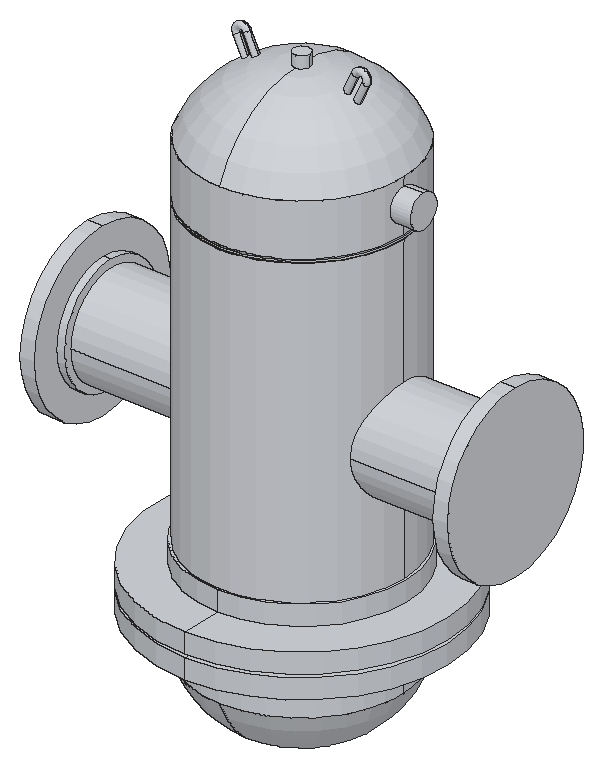
Revit family "WVA-6", category Mechanical Equipment, Revit 2014
Parameters (values of type "WVA-6")
  SideDrainExtrusion = CylinderHalfLength * 0.13123  # 1.24669"
  PipeConnectorDiameter = 6"
  PartNumber = "72080060"
  MaximumOperatingTemperature = "240°F"
  MaximumOperatingPressure = "125 PSIG"
  MaximumFlow = "570 GPM"
  HookWidth = 3/4"
  SideFlangeThickness1 = 141/256"
  SideFlangeThickness = 121/128"
  LeftHookDistance = 0.35916"
  TopExtrusionDiameter = A * 0.1111  # 2.1109"
  SideFlangeStep2 = 11 3/128"
  SideFlangeStep1 = 7 143/256"
  PipeDiameter = 6 5/8"
  HookTopDistance = B * 0.01386  # 0.54054"
  HookDistance = A * 0.19597  # 3.72343"
  URL = "http://westank.com/"
  TotalHeight = B * 0.1364  # 5.3196"
  Step5Diameter = A * 0.21818  # 4.14544"
  Step4Diameter = A * 0.25455  # 4.83636"
  Step3Diameter = A * 0.18182  # 3.45458"
  Step2Diameter = A * 0.10909  # 2.07271"
  Step1Diameter = A * 0.05454  # 1.03626"
  RingDistance = B * 0.19599  # 7.64361"
  RevolveRadius = CylindarDia / 2  # 6.65"
  Model = "WVA-6"
  Manufacturer = "Wessels Company"
  HookDiameter = A * 0.0223  # 0.4237"
  Height2 = B * 0.00547  # 0.21333"
  Height1 = B * 0.03268  # 1.27452"
  D = 19 1/2"
  CylinderHeight = B * 0.781  # 30.459"
  CylinderHalfLength = A / 2  # 9 1/2"
  CouplingHeight = B * 0.15525  # 6.05475"
  C = 27 3/4"
  BottomRevolveHeight = B * 0.10886  # 4.24554"
  BottomExtrusionHeight = B * 0.01095  # 0.42705"
  B = 39"
  CylindarDia = A * 0.7  # 13.3"
  NumberOfArray = 9
  ArrayRadius = CylindarDia * 0.62598  # 8.32559"
  ApproximateShipmentWeight = "375 lbs"
  A = 19"
Reference planes (in)
  plane 1: z = 0
  plane 2 "Center (Left/Right)": x = 0
  plane 3: x = -6.65
  plane 4: y = 1.09449
  plane 5: y = -5.55551
  plane 6: x = 6.65
  plane 7: z = 39
  plane 8: z = 19.5
  plane 9: y = -12.20551
  plane 10: z = 34.7295
  plane 11: z = 4.2705
  plane 12: y = -6.05551
  plane 13: y = -5.05551
  plane 14: z = 34.23517
  plane 15: z = 33.23517
  plane 16: z = 33.73517
  plane 17: x = 9.5
  plane 18: z = 31.35639
  plane 19: z = 31.10639
  plane 20: x = 0
  plane 21: z = 4.76659
  plane 22: x = -9.5
  plane 23: y = -15.05551
  plane 24: y = 3.94449
  plane 25: x = 7.15
  plane 26: z = 4.08442
  plane 27: z = 0.42705
  plane 28: z = 4.67259
  plane 29: y = -2.15551
  plane 30: y = -8.95551
  plane 31: x = -13.875
  plane 32: x = 13.875
  plane 33: z = 19.5
  plane 34: x = 2
  plane 35: x = -2.03354
Forms (in)
  Extrusion 1, solid
    sketch origin (0, 0, 0) x (1, 0, 0) y (0, 1, 0)
      loop
        circle (0, -5.55551) r 6.65
    from 4.67259 to 34.7295
  Revolve 2, solid
    sketch origin (0, 0, 0) x (0, 1, 0) y (0, 0, 1)
      loop
        line (-5.55551, 34.7295) -> (-5.55551, 39)
        arc (-5.55551, 39) -> (-9.56439, 37.92967) -> (-12.20551, 34.7295) r 6.80177
        line (-12.20551, 34.7295) -> (-5.55551, 34.7295)
      axis (-5.55551, 39) -> (-5.55551, 34.7295)
    angle from 0 to 360
  Revolve 3, solid
    sketch origin (0, 0, 23) x (0, 1, 0) y (0, 0, 1)
      loop
        line (-5.55551, -18.32741) -> (-12.20551, -18.32741)
        arc (-12.20551, -18.32741) -> (-9.59071, -21.5626) -> (-5.55551, -22.57295) r 6.55542
        line (-5.55551, -22.57295) -> (-5.55551, -18.32741)
      axis (-5.55551, -22.57295) -> (-5.55551, -18.32741)
    angle from 0 to 360
  Extrusion 4, solid
    sketch origin (9.5, -180, 55.14413) x (0, 0, 1) y (0, -1, 0)
      loop
        circle (-21.97146, -174.44449) r 1.05545
    from -1.60332 to -3.48594
  Revolve 5, void
    sketch origin (0, 0, 0) x (0, 1, 0) y (0, 0, 1)
      loop
        line (1.14136, 31.42333) -> (1.00252, 31.22505) -> (1.00252, 31.10639) -> (1.14136, 31.10639) -> (1.14136, 31.42333)
      axis (-5.55551, 31.42333) -> (-5.55551, 31.10639)
    angle from 0 to 360
  Revolve 6, solid
    sketch origin (0, 0, 0) x (0, 1, 0) y (0, 0, 1)
      loop
        line (1.27519, 7.32927) -> (3.94449, 7.32927) -> (3.94449, 8.60379) -> (1.69769, 8.60379) -> (1.69769, 8.81712) -> (3.94449, 8.81712) -> (3.94449, 10.09164) -> (1.27519, 10.09164) -> (1.27519, 11.37435) -> (1.09449, 11.37435) -> (1.09449, 6.05475) -> (1.27519, 6.05475) -> (1.27519, 7.32927)
      axis (-5.55551, 11.37435) -> (-5.55551, 6.05475)
    angle from 0 to 360
  Extrusion 7, solid
    sketch origin (0, 0, 0) x (1, 0, 0) y (0, 1, 0)
      loop
        circle (0, -5.55551) r 0.51813
    from 0 to 0.42705
  Extrusion 8, solid
    sketch origin (0, 0, 0) x (0, 1, 0) y (0, 0, 1)
      loop
        circle (-5.55551, 19.5) r 3.3125
    from -12.37891 to 12.37891
  Extrusion 9, solid
    sketch origin (-13.875, -180, 25.05775) x (0, 0, 1) y (0, -1, 0)
      loop
        circle (-5.55775, -174.44449) r 3.7793
    from 1.49609 to 0.94531
  Extrusion 10, solid
    sketch origin (-13.875, -180, 25.05775) x (0, 0, 1) y (0, -1, 0)
      loop
        circle (-5.55775, -174.44449) r 5.51172
    from 0 to 0.94531
  Extrusion 11, solid
    sketch origin (7.625, -180, 25.05775) x (0, 0, 1) y (0, 1, 0)
      loop
        circle (-5.55775, 174.44449) r 3.7793
    from -4.75391 to -5.30469
  Extrusion 12, solid
    sketch origin (7.625, -180, 25.05775) x (0, 0, 1) y (0, 1, 0)
      loop
        circle (-5.55775, 174.44449) r 5.51172
    from -6.25 to -5.30469
  Extrusion 13, solid
    sketch origin (-60.41868, -180, 39) x (-1, 0, 0) y (0, -1, 0)
      loop
        circle (-60.41868, -174.44449) r 0.51813
    from 0 to 0.71071
  Sweep 14, solid
    path origin (-15.79608, -0.16656, 148.84796) x (0.413302, 0.007549, 0.910563) y (0.910578, 0.00257, -0.41333)
      loop
        line (-92.98541, 62.71114) -> (-91.46355, 62.71114)
        arc (-91.46355, 62.71114) -> (-91.08855, 63.08614) -> (-91.46355, 63.46114) r 0.375
        line (-91.46355, 63.46114) -> (-92.98541, 63.46114)
    profile origin (3.19077, -0.70156, 38.9514) x (0.910578, 0.00257, -0.41333) y (-0.00546, 0.999968, -0.005811)
      loop
        circle (0, -4.875) r 0.21185
  Sweep 15, solid
    path origin (15.79608, -0.16656, 148.84796) x (-0.413302, 0.007549, 0.910563) y (0.910578, -0.00257, 0.41333)
      loop
        line (-92.98541, -62.71114) -> (-91.46355, -62.71114)
        arc (-91.46355, -62.71114) -> (-91.08855, -63.08614) -> (-91.46355, -63.46114) r 0.375
        line (-91.46355, -63.46114) -> (-92.98541, -63.46114)
    profile origin (-3.19077, -0.70156, 38.9514) x (0.910578, -0.00257, 0.41333) y (0.00546, 0.999968, -0.005811)
      loop
        circle (0, -4.875) r 0.21185
Cuts and joins
  Revolve 5 cuts Extrusion 1
  joined: Extrusion 1, Extrusion 4, Revolve 6, Extrusion 8
  joined: Revolve 2, Sweep 14, Sweep 15
Dimensions and locks (in)
  equal spacing: plane 6, plane 2 "Center (Left/Right)", plane 3
  "CylindarDia": plane 6 to plane 3
  equal spacing: plane 7, plane 8, level
  "B": plane 7 to level
  equal spacing: plane 3, plane 2 "Center (Left/Right)", plane 6
  plane 3 to plane 6 = 13.3"
  equal spacing: plane 4, plane 5, plane 9
  plane 4 to plane 9 = 13.3"
  "RevolveRadius": plane 9 to plane 5
  equal spacing: plane 10, plane 8, plane 11
  "CylinderHeight": plane 10 to plane 11
  equal spacing: plane 12, plane 5, plane 13
  plane 12 to plane 13 = 1"
  plane 14 to plane 15 = 1"
  equal spacing: plane 14, plane 16, plane 15
  plane 10 to plane 14 = 0.49433"
  locked: Extrusion 4 sketch curve to plane 5
  plane 16 to Extrusion 4 sketch curve = 9/16"
  locked: Revolve 5 sketch curve to Revolve 5 sketch curve at 0.13884
  locked: plane 18 to plane 19 at 0.25
  "RingDistance": plane 7 to plane 18
  locked: plane 21 to plane 11 at 0.49609
  equal spacing: plane 17, plane 2 "Center (Left/Right)", plane 22
  "A": plane 17 to plane 22
  equal spacing: plane 23, plane 5, plane 24
  "A": plane 23 to plane 24
  locked: plane 25 to plane 6 at 0.5
  Revolve 6 to plane 26 = 3.24485"
  "Height1": Revolve 6 sketch curve to Revolve 6 sketch curve  (x3)
  "Height2": Revolve 6 sketch curve to Revolve 6 sketch curve
  "TotalHeight": Revolve 6 sketch curve to Revolve 6 sketch curve
  "CouplingHeight": level to Revolve 6 sketch curve
  equal spacing: plane 30, plane 5, plane 29
  equal spacing: plane 32, plane 2 "Center (Left/Right)", plane 31
  "C": plane 32 to plane 31
  "D": plane 33 to level
  "SideFlangeThickness": Extrusion 10 to plane 31
  "SideFlangeThickness1": Extrusion 9 to Extrusion 10
  "SideFlangeThickness": plane 32 to Extrusion 12
  "SideFlangeThickness1": Extrusion 11 to Extrusion 12
  locked: plane 20 to Extrusion 13 sketch curve at 0
  locked: plane 5 to Extrusion 13 sketch curve at 0
  "BottomExtrusionHeight": plane 27 to level
  "BottomRevolveHeight": plane 28 to plane 27
  locked: plane 20 to Extrusion 7 sketch curve at 0
  locked: Extrusion 7 sketch curve to plane 5 at 0
  plane 34 to plane 20 to plane 35 = 2", 2.03354"
  "SideDrainExtrusion": Extrusion 4 to plane 6
  "HookWidth": Sweep 14 sketch curve to Sweep 14 sketch curve
  "HookWidth": Sweep 15 sketch curve to Sweep 15 sketch curve
  "CylindarDia": diameter of Extrusion 1 sketch curve
  "TopExtrusionDiameter": diameter of Extrusion 4 sketch curve
  "Step1Diameter": diameter of Extrusion 13 sketch curve
  "PipeDiameter": diameter of Extrusion 8 sketch curve
  "SideFlangeStep1": diameter of Extrusion 9 sketch curve
  "SideFlangeStep2": diameter of Extrusion 10 sketch curve
  "SideFlangeStep1": diameter of Extrusion 11 sketch curve
  "SideFlangeStep2": diameter of Extrusion 12 sketch curve
  "Step1Diameter": diameter of Extrusion 7 sketch curve
  "HookDiameter": diameter of Sweep 14 sketch curve
  "HookDiameter": diameter of Sweep 15 sketch curve
  aligned and locked: level to plane 1
  aligned and locked: Revolve 2 sketch curve to Extrusion 1
  aligned and locked: plane 5 to Revolve 2 sketch curve  (x2)
  aligned and locked: Revolve 2 sketch curve to plane 5
  aligned and locked: Revolve 3 sketch curve to Extrusion 1
  aligned and locked: plane 5 to Revolve 3 sketch curve
  aligned and locked: plane 9 to Revolve 3 sketch curve
  aligned and locked: plane 9 to Revolve 2 sketch curve
  aligned and locked: plane 10 to Extrusion 1
  aligned and locked: Revolve 5 sketch curve to plane 19
  aligned and locked: plane 20 to plane 2 "Center (Left/Right)"
  aligned and locked: Revolve 6 sketch curve to Revolve 6 sketch curve
  aligned and locked: Revolve 6 sketch curve to plane 4
  aligned and locked: Revolve 6 sketch curve to plane 5
  aligned and locked: plane 24 to Revolve 6 sketch curve
  aligned and locked: Revolve 5 sketch curve to plane 5
  aligned and locked: Extrusion 1 to plane 28
  aligned and locked: plane 27 to Extrusion 7
  aligned and locked: Extrusion 7 to level
  aligned and locked: Extrusion 10 to plane 31
  aligned and locked: Extrusion 9 to Extrusion 10
  aligned and locked: Extrusion 8 to Extrusion 9
  aligned and locked: Extrusion 12 to Extrusion 11
  aligned and locked: Extrusion 8 to Extrusion 11
  aligned and locked: plane 32 to Extrusion 12
  aligned and locked: Extrusion 13 to plane 7
Automatic sketch dimensions
  Revolve 3 sketch curve to plane 5 = 0"
  Revolve 3 sketch curve to plane 27 = 0"  (x2)
  Revolve 3 sketch curve to plane 28 = 0"
  Revolve 3 sketch curve to plane 12 = 0.00764"
  Revolve 5 sketch curve to plane 4 = 0.09196"
  plane 19 to Revolve 5 sketch curve = 0.11866"
  plane 18 to Revolve 5 sketch curve = 0.06694"
  Revolve 5 sketch curve to level = 12"
  Revolve 2 sketch curve to plane 10 = 0"
  Revolve 2 sketch curve to plane 7 = 0"
  plane 12 to Revolve 2 sketch curve = 0.1665"
  plane 7 to Revolve 2 sketch curve = 2.7327"
  plane 7 to Revolve 5 sketch curve = 72 7/8"
  Extrusion 1 sketch curve to plane 2 "Center (Left/Right)" = 0"
  Extrusion 1 sketch curve to plane 5 = 0"
  Revolve 6 sketch curve to plane 4 = 0"
  Revolve 6 sketch curve to Revolve 6 sketch curve = 0.1807"  (x2)
  plane 4 to Revolve 6 sketch curve = 0.6032"
  Revolve 6 sketch curve to level = 12"
  plane 7 to Revolve 6 sketch curve = 73"
  Extrusion 8 sketch curve to plane 5 = 0"
  Extrusion 8 sketch curve to plane 8 = 0"
  Extrusion 9 sketch curve to plane 5 = 0"
  Extrusion 9 sketch curve to plane 8 = 0"
  Extrusion 10 sketch curve to plane 5 = 0"
  Extrusion 10 sketch curve to plane 8 = 0"
  Extrusion 11 sketch curve to plane 5 = 0"
  Extrusion 11 sketch curve to plane 8 = 0"
  Extrusion 12 sketch curve to plane 5 = 0"
  Extrusion 12 sketch curve to plane 8 = 0"
  Sweep 14 sketch curve to Sweep 14 sketch curve = 1.52185"
  Sweep 14 sketch curve to Sweep 14 sketch curve = 0"
  profile plane to Sweep 14 sketch curve = 0"
  Sweep 14 sketch curve to profile plane = 4 7/8"
  Sweep 15 sketch curve to Sweep 15 sketch curve = 1.52185"
  Sweep 15 sketch curve to Sweep 15 sketch curve = 0"
  Sweep 15 sketch curve to profile plane = 0"
  Sweep 15 sketch curve to profile plane = 4 7/8"
Connectors (in)
  piping at (13.875, -5.55551, 19.5), diameter 6, driven by "PipeConnectorDiameter"
    settings: on Extrusion 12, index 1, connector inside diameter 24", connector length 0", flow factor 0, pipe flow 0 GPM, pressure drop 0.00 psi, fitting loss kfactor 0, connector angle 0.00°, fixture units 0, engagement length 0", angle of deflection 0.00°, flow configuration 0, flow direction 0, fitting loss method 0, system type 7, joint type 0, gender type 0, connector reference index -1, connector utility 0, adjustable connector no, is connector primary yes, connector description ""
  piping at (-13.875, -5.55551, 19.5), diameter 6, driven by "PipeConnectorDiameter"
    settings: on Extrusion 10, index 2, connector inside diameter 24", connector length 0", flow factor 0, pipe flow 0 GPM, pressure drop 0.00 psi, fitting loss kfactor 0, connector angle 0.00°, fixture units 0, engagement length 0", angle of deflection 0.00°, flow configuration 0, flow direction 0, fitting loss method 0, system type 7, joint type 0, gender type 0, connector reference index -1, connector utility 0, adjustable connector no, is connector primary no, connector description ""
